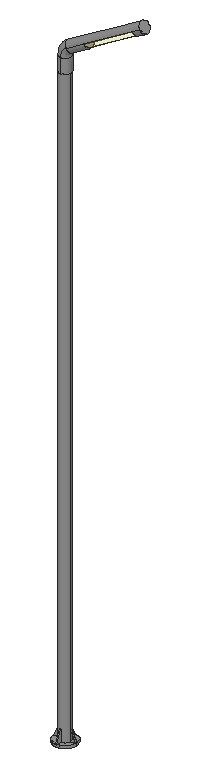
Revit family "11118 Стальной фонарный столб «Яуза» В 3.0.1 со светильником Хоббика", category Антураж, Revit 2018
Family settings
  На основе рабочей плоскости = Нет
  Всегда вертикально = Да
  При загрузке вырезать с полостями = Нет
  Источник визуального образа = Геометрия семейства
  Общий = Нет
  Точка расчета площади = Нет
Parameters (values of type "Версия 6,0 м")
  Длина = 817 mm  # constant formula
  Ширина = 200 mm  # constant formula
  Цвет каркаса = Сталь
  Описание = if([Версия 3,1 м], "Стальной фонарный столб «Яуза» В 3.0.1 со светильником. Версия 3,1 м", if([Версия 3,6 м], "Стальной фонарный столб «Яуза» В 3.0.1 со светильником. Версия 3,6 м", if([Версия 4,1 м], "Стальной фонарный столб «Яуза» В 3.0.1 со светильником. Версия 4,1 м", if([Версия 4,6 м], "Стальной фонарный столб «Яуза» В 3.0.1 со светильником. Версия 4,6 м", "Стальной фонарный столб «Яуза» В 3.0.1 со светильником. Версия 6,0 м"))))  # "Стальной фонарный столб «Яуза» В 3.0.1 со светильником. Версия 6,0 м"
  Материал изделия = "Сталь"  # constant formula
  Изображение типоразмера = Стальной фонарный столб «Яуза» В 3.0.1 со светильником Арт 11118.jpg
  Изготовитель = "ООО «Хоббика»"  # constant formula
  Группа модели = "Светильники со стальными опорами"  # constant formula
  Высота = if([Версия 3,1 м], 3100 mm, if([Версия 3,6 м], 3600 mm, if([Версия 4,1 м], 4100 mm, if([Версия 4,6 м], 4600 mm, 6000 mm))))  # 6000 mm
  Версия 6,0 м = yes
  Версия 4,6 м = no
  Версия 4,1 м = no
  Версия 3,6 м = no
  Версия 3,1 м = no
  Артикул товара = "Арт. 11118"  # constant formula
  URL = "https://hobbyka.ru/product/stalnoy_fonarnyy_stolb_yauza_v_301_so_svetilnikom/"
Types (6, lengths in mm): name | Описание | Высота | Версия 6,0 м | Версия 4,6 м | Версия 4,1 м | Версия 3,6 м | Версия 3,1 м
  (no name) | "Стальной фонарный столб «Яуза» В 3.0.1 со светильником. Версия 6,0 м" | 6000 | yes | no | no | no | no
  Версия 3,1 м | "Стальной фонарный столб «Яуза» В 3.0.1 со светильником. Версия 3,1 м" | 3100 | no | no | no | no | yes
  Версия 3,6 м | "Стальной фонарный столб «Яуза» В 3.0.1 со светильником. Версия 3,6 м" | 3600 | no | no | no | yes | no
  Версия 4,1 м | "Стальной фонарный столб «Яуза» В 3.0.1 со светильником. Версия 4,1 м" | 4100 | no | no | yes | no | no
  Версия 4,6 м | "Стальной фонарный столб «Яуза» В 3.0.1 со светильником. Версия 4,6 м" | 4600 | no | yes | no | no | no
  Версия 6,0 м | "Стальной фонарный столб «Яуза» В 3.0.1 со светильником. Версия 6,0 м" | 6000 | yes | no | no | no | no
Reference planes
  plane 1 "По центру (Вперед/Назад)": y = 0
  plane 2: z = 0
  plane 3 "По центру (Влево/Вправо)": x = 0
  plane 4: y = 200
  plane 5: x = 817
  plane 6: y = 100
  plane 7: x = 100
  plane 8: z = 6000
  plane 9: z = 5400
Forms (mm)
  Extrusion 1, solid, material "Сталь" <- "Цвет каркаса"
    sketch origin (0, 0, 0) x (1, 0, 0) y (0, 1, 0)
      loop
        circle (100, 100) r 100
    from 0 to 20
  Extrusion 2, solid, material "Сталь" <- "Цвет каркаса"
    sketch origin (0, 0, 0) x (1, 0, 0) y (0, 1, 0)
      loop
        circle (100, 100) r 50
    from 20 to 5400
  Extrusion 3, solid, material "Сталь" <- "Цвет каркаса"
    sketch origin (0, 0, 0) x (1, 0, 0) y (0, 0, 1)
      loop
        line (0, 20) -> (50, 20) -> (50, 120) -> (0, 20)
      loop
        line (200, 20) -> (150, 120) -> (150, 20) -> (200, 20)
    from -95 to -105
  Extrusion 4, solid, material "Сталь" <- "Цвет каркаса"
    sketch origin (0, 200, 0) x (0, -1, 0) y (0, 0, 1)
      loop
        line (0, 20) -> (50, 20) -> (50, 120) -> (0, 20)
      loop
        line (200, 20) -> (150, 120) -> (150, 20) -> (200, 20)
    from -95 to -105
Dimensions and locks
  "Длина": plane 3 "По центру (Влево/Вправо)" to plane 5
  "Ширина": plane 4 to plane 1 "По центру (Вперед/Назад)"
  equal spacing: plane 4, plane 6, plane 1 "По центру (Вперед/Назад)"
  locked: plane 3 "По центру (Влево/Вправо)" to plane 7 at 100
  locked: plane 8 to plane 9 at 600
  "Высота": plane 8 to level
  aligned and locked: level to plane 2
  aligned and locked: plane 6 to nested 1
  aligned and locked: Extrusion 2 to plane 9
  aligned and locked: nested 1 to plane 9
Automatic sketch dimensions
  Extrusion 1 sketch curve to plane 6 = 0 mm
  plane 3 "По центру (Влево/Вправо)" to Extrusion 1 sketch curve = 100 mm
  Extrusion 2 sketch curve to plane 6 = 0 mm
  Extrusion 2 sketch curve to plane 7 = 0 mm
  Extrusion 3 sketch curve to plane 3 "По центру (Влево/Вправо)" = 0 mm
  plane 3 "По центру (Влево/Вправо)" to Extrusion 3 sketch curve = 50 mm
  plane 7 to Extrusion 3 sketch curve = 50 mm
  level to Extrusion 3 sketch curve = 20 mm  (x2)
  Extrusion 3 sketch curve to Extrusion 3 sketch curve = 50 mm
  Extrusion 3 sketch curve to Extrusion 3 sketch curve = 100 mm
  Extrusion 3 sketch curve to Extrusion 3 sketch curve = 0 mm
  Extrusion 4 sketch curve to plane 4 = 0 mm
  Extrusion 4 sketch curve to plane 1 "По центру (Вперед/Назад)" = 0 mm
  Extrusion 4 sketch curve to plane 4 = 50 mm
  Extrusion 4 sketch curve to plane 1 "По центру (Вперед/Назад)" = 50 mm
  level to Extrusion 4 sketch curve = 20 mm  (x2)
  Extrusion 4 sketch curve to Extrusion 4 sketch curve = 100 mm
  Extrusion 4 sketch curve to Extrusion 4 sketch curve = 0 mm
  radius of Extrusion 1 sketch curve = 100 mm
  radius of Extrusion 2 sketch curve = 50 mm
Nested families
  nested 1: "Стальной фонарный столб «Яуза» В 3.0.1 со светильником Верх" at (100, 100, 5400) x (0, 1, 0) z (0, 0, 1), type "Стальной фонарный столб «Яуза» В 3.0.1 со светильником Верх"
Definition of nested family "Стальной фонарный столб «Яуза» В 3.0.1 со светильником Верх"
  Parameters (values of type "Стальной фонарный столб «Яуза» В 3.0.1 со светильником Верх")
    Цвект каркаса = none
    Height = 0 mm
  Reference planes
    plane 1 "По центру (Вперед/Назад)": y = 0
    plane 2: z = 0
    plane 3 "По центру (Влево/Вправо)": x = 0
  Forms (mm)
    Sweep 1, solid, material <- "Цвект каркаса"
      path origin (0, 21.281, 0) x (0, 1, 0) y (0, 0, 1)
        loop
          line (-21.281, 0) -> (-21.281, 131.192)
          arc (-21.281, 131.192) -> (-34.679, 181.192) -> (-71.281, 217.794) r 100
          line (-71.281, 217.794) -> (-733.281, 600)
      profile origin (0, -381, 408.897) x (0, -0.5, -0.866025) y (1, 0, 0)
        loop
          circle (0, 0) r 50
    Extrusion 2, void
      sketch origin (0, 0, 0) x (0, 1, 0) y (0, 0, 1)
        loop
          line (-209.705, 310) -> (-642.718, 560) -> (-675.218, 503.708) -> (-242.205, 253.708) -> (-209.705, 310)
      from -62.778 to 66.627
    Extrusion 3, solid
      sketch origin (0, -472.264, -335.088) x (1, 0, 0) y (0, 0.499467, 0.866333)
        loop
          arc (-50, 690) -> (0, 640) -> (50, 690) r 50
          line (50, 690) -> (-50, 690)
      from 94.737 to 594.752
  Cuts and joins
    Extrusion 2 cuts Sweep 1
  Dimensions and locks
    aligned and locked: level to plane 2
